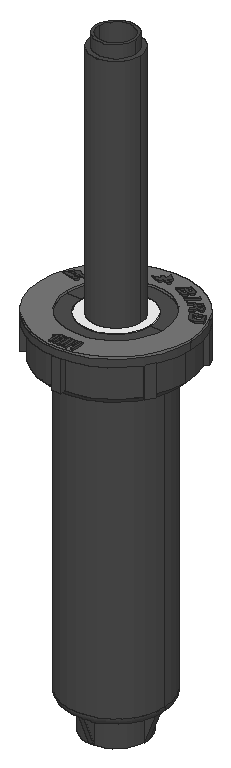
Revit family "Spray Bodies 1800-SAM-P45 Series", category Acessórios do tubo, Revit 2020
Family settings
  Cota do conector redondo = Utilizar diâmetro
  Tipo de parte = Normal
  Número OmniClass = 23.60.30.11.14
  Título OmniClass = Pipework Fittings
  Com base no plano de trabalho = Não
  Sempre na vertical = Sim
  Corte com vazios quando carregada = Não
  Compartilhado = Não
Parameters (values of type "1804 SAM-P45")
  White Plastic = White Plastic
  URL = "https://www.rainbird.com/"
  SupportProjetos: Reviw Date = "15/11/2020"  # constant formula
  SupportProjetos: Reviw = "R01"  # constant formula
  SupportProjetos: Level of Detail = "LOD 300"  # constant formula
  SupportProjetos: Developed = "MICHEL SOARES MOTA"  # constant formula
  SupportProjetos: Creation Date = "13/07/2020"  # constant formula
  Side inlet = Model > 1805  # no
  RainBird: Product Link = "https://store.rainbird.com/sprinklers/spray-heads.html?sprays_sprayheadseries=117"
  RainBird: Description = "Spray Bodies Serie 1800 - Model 1804 SAM-P45"
  RainBird: Comment [instance] = ""
  RainBird: Code = ""
  RT = 0.3015 cm
  RN = 1 cm
  R5 = 1 cm
  R4 = 1.25 cm
  R3 = 2 cm
  R2 = 2.85 cm
  R1 = 1 cm
  R-VAN = yes
  Pop up height = 10.2 cm
  Pop up on [instance] = yes
  Modelo = "1804 SAM-P45"
  Model = 1804
  H1 = Body height / 3  # 5.0667 cm
  Elevação padrão = 0 cm
  Descrição = RainBird: Description  # "Spray Bodies Serie 1800 - Model 1804 SAM-P45"
  DT8 = 0.08 cm
  DT7 = 3.05 cm
  DT6 = 2 cm
  DT5 = 0.12 cm
  DT4 = 0.5 cm
  DT3 = 0.7973 cm
  DT2 = 1 cm
  DT1 = 1.4 cm
  DD9 = 1.3673 cm
  DD8 [instance] = if(Pop up on, Pop up height, 0 cm)  # 10.2 cm
  DD7 = 0.6 cm
  DD6 = 0.3 cm
  DD5 = 0.2 cm
  DD3 = 1.8 cm
  DD2 = 0.5 cm
  DD13 = 1.5 cm
  DD12 [instance] = if(Pop up on, Pop up height + 1.51 cm, 0 cm)  # 11.71 cm
  DD11 = 0.2 cm
  DD10 = 2.7818 cm
  DD1 = 1.2 cm
  Conection = 1.91 cm  # constant formula
  Body height = 15.2 cm
  Black Plastic 2 = Black Plastic 2
  Black Plastic = Black Plastic
  Arch Angle [instance] = 180.00°
  AA1 = 135.00°
  1812 = no
  1806 = no
  1804 = yes
  180 = yes
Types (4, lengths in cm): name | Side inlet | RainBird: Description | Pop up height | Modelo | Model | H1 | Descrição | DD9 | DD8 | DD12 | DD11 | DD10 | Body height | 1812 | 1806 | 1804 | 180
  (no name) | no | "Spray Bodies Serie 1800 - Model 1804 SAM-P45" | 10.2 | "1804 SAM-P45" | 1804 | 5.0667 | "Spray Bodies Serie 1800 - Model 1804 SAM-P45" | 1.3673 | 10.2 | 11.71 | 0.2 | 2.7818 | 15.2 | no | no | yes | yes
  1804 SAM-P45 | no | "Spray Bodies Serie 1800 - Model 1804 SAM-P45" | 10.2 | "1804 SAM-P45" | 1804 | 5.0667 | "Spray Bodies Serie 1800 - Model 1804 SAM-P45" | 1.3673 | 10.2 | 11.71 | 0.2 | 2.7818 | 15.2 | no | no | yes | yes
  1806 SAM-P45 | yes | "Spray Bodies Serie 1800 - Model 1806 SAM-P45" | 15.2 | "1806 SAM-P45" | 1806 | 7.9333 | "Spray Bodies Serie 1800 - Model 1806 SAM-P45" | 1.3673 | 15.2 | 16.71 | 0.1 | 2.7818 | 23.8 | no | yes | no | yes
  1812 SAM-P45 | yes | "Spray Bodies Serie 1800 - Model 1812 SAM-P45" | 30.5 | "1812 SAM-P45" | 1812 | 13.5333 | "Spray Bodies Serie 1800 - Model 1812 SAM-P45" | 2 | 30.5 | 32.01 | 0.6254 | 2.5 | 40.6 | yes | no | no | no
Reference planes (cm)
  plane 1 "Centro (Frente/Trás)": y = 0
  plane 2: z = 0
  plane 3 "Centro (Esquerda/Direita)": x = 0
  plane 4: z = 0.12
  plane 5: z = 0.08
  plane 6: y = -2
Forms (cm)
  Revolve 1, solid, material "Black Plastic" <- "Black Plastic"
    sketch origin (0, 0, 0) x (1, 0, 0) y (0, 0, 1)
      loop
        line (2.85, -1.5672) -> (2.85, -0.3) -> (3.05, -0.3) -> (3.05, 0) -> (1.4, 0) -> (1.4, -1) -> (1, -1) -> (1, -10.2) -> (0.6, -10.2) -> (0.6, -14) -> (1, -14) -> (1, -15.2) -> (1.25, -15.2) -> (1.25, -14) -> (1.6985, -14)
        arc (1.6985, -14) -> (1.9117, -13.9117) -> (2, -13.6985) r 0.3015
        line (2, -13.6985) -> (2, -2.1015)
        arc (2, -2.1015) -> (2.0883, -1.8883) -> (2.3015, -1.8) r 0.3015
        line (2.3015, -1.8) -> (2.6172, -1.8) -> (2.85, -1.5672)
      axis (0, -15.2) -> (0, 0)
    angle from 0 to 360
  Extrusion 2, solid, material "Black Plastic" <- "Black Plastic"
    sketch origin (0, 0, 0) x (1, 0, 0) y (0, 1, 0)
      loop
        circle (0, 0) r 1
    from -10.2 to 10.2
  Extrusion 3, void
    sketch origin (0, 0, 0) x (1, 0, 0) y (0, 1, 0)
      loop
        circle (0, 0) r 1
      loop
        circle (0, 0) r 0.7973
    from 9.7 to 10.2
  Extrusion 4, solid, material "Black Plastic" <- "Black Plastic", visible <- "180"
    sketch origin (0, -2.5, 0) x (1, 0, 0) y (0, 1, 0)
      loop
        line (-2.231, 3.2135) -> (-2.1644, 3.3339) -> (-2.3679, 3.3844) -> (-2.2992, 3.5085) -> (-2.0365, 3.4904) -> (-1.9715, 3.608) -> (-2.2887, 3.6298) -> (-2.4263, 3.706) -> (-2.6398, 3.6445) -> (-2.8298, 3.3622) -> (-2.231, 3.2135)
      loop
        line (-2.6663, 3.4585) -> (-2.4339, 3.4008) -> (-2.3526, 3.5478) -> (-2.4178, 3.6107) -> (-2.5587, 3.5701) -> (-2.6663, 3.4585)
      loop
        line (-1.9163, 3.7039) -> (-1.8175, 3.8064) -> (-1.8808, 3.8933) -> (-1.7232, 4.0568) -> (-1.6371, 4.0092) -> (-1.5763, 4.1193) -> (-2.1283, 4.1963) -> (-2.2118, 4.1098) -> (-1.9163, 3.7039)
      loop
        line (-2.0723, 4.0915) -> (-1.9537, 3.9286) -> (-1.8139, 4.0736) -> (-2.0723, 4.0915)
      loop
        line (-1.8177, 4.5186) -> (-1.3486, 4.2146) -> (-1.2727, 4.2934) -> (-1.7417, 4.5974) -> (-1.8177, 4.5186)
      loop
        line (-1.1151, 4.372) -> (-1.0305, 4.4599) -> (-1.2636, 4.6846) -> (-0.7593, 4.6142) -> (-0.6667, 4.7103) -> (-1.0803, 5.0567) -> (-1.1605, 4.9984) -> (-0.8466, 4.7354) -> (-1.4131, 4.8145) -> (-1.5049, 4.7477) -> (-1.1151, 4.372)
      loop
        line (-0.4562, 4.9237) -> (-0.283, 4.8466) -> (-0.0843, 4.7934) -> (0, 4.9138) -> (0.2358, 4.8722) -> (0.2981, 4.9345) -> (0.116, 5.0156) -> (0.2085, 5.1477) -> (-0.0336, 5.3172) -> (-0.0336, 5.1849) -> (-0.0336, 5.0821) -> (-0.1724, 5.1439) -> (-0.2428, 5.1033) -> (-0.1476, 5.0081) -> (-0.274, 4.9621) -> (-0.4562, 4.9237)
      loop
        line (0.6147, 4.7728) -> (0.9327, 4.5929) -> (1.0885, 4.5721) -> (1.1808, 4.6694) -> (1.1317, 4.7723) -> (1.2619, 4.7549) -> (1.334, 4.8309) -> (1.2754, 4.9539) -> (0.9573, 5.1338) -> (0.6147, 4.7728)
      loop
        line (0.8462, 4.8897) -> (0.7501, 4.7884) -> (0.9556, 4.6722) -> (1.0744, 4.6732) -> (1.0734, 4.7801) -> (0.8462, 4.8897)
      loop
        line (0.9989, 5.0507) -> (0.9222, 4.9699) -> (1.1173, 4.8595) -> (1.2037, 4.8602) -> (1.1883, 4.9435) -> (0.9989, 5.0507)
      loop
        line (1.2199, 4.4305) -> (1.3171, 4.3754) -> (1.7079, 4.7092) -> (1.6106, 4.7642) -> (1.2199, 4.4305)
      loop
        line (1.9335, 4.5079) -> (1.472, 4.2878) -> (1.5637, 4.2008) -> (1.7245, 4.2775) -> (1.8813, 4.1484) -> (1.7689, 4.0299) -> (1.857, 3.9063) -> (1.985, 3.9976) -> (2.0031, 4.1334) -> (2.1114, 4.0951) -> (2.2369, 4.155) -> (2.156, 4.3246) -> (1.9335, 4.5079)
      loop
        line (1.9261, 4.4053) -> (1.8225, 4.3559) -> (1.9436, 4.2141) -> (2.1112, 4.2155) -> (2.0556, 4.3321) -> (1.9261, 4.4053)
      loop
        line (1.9557, 3.8215) -> (2.1968, 3.4836) -> (2.3925, 3.4143) -> (2.7137, 3.5675) -> (2.6804, 3.6964) -> (2.4921, 3.9603) -> (1.9557, 3.8215)
      loop
        line (2.1302, 3.7523) -> (2.2577, 3.5736) -> (2.4889, 3.5756) -> (2.5959, 3.652) -> (2.4629, 3.8384) -> (2.1302, 3.7523)
      loop
        line (-0.516, -0.0627) -> (-0.4245, -0.0627) -> (-0.4245, -0.3834) -> (-0.3366, -0.3834) -> (-0.3366, 0.1166) -> (-0.516, -0.0627)
      loop
        line (-0.2745, 0.1165) -> (-0.2745, -0.3834) -> (-0.0345, -0.3834) -> (-0.0345, 0.1165) -> (-0.2745, 0.1165)
      loop
        line (-0.1945, 0.0365) -> (-0.1945, -0.0861) -> (-0.1145, -0.0861) -> (-0.1145, 0.0365) -> (-0.1945, 0.0365)
      loop
        line (-0.1945, -0.1661) -> (-0.1945, -0.3034) -> (-0.1145, -0.3034) -> (-0.1145, -0.1661) -> (-0.1945, -0.1661)
      loop
        line (0.0395, 0.1165) -> (0.0395, -0.3834) -> (0.2795, -0.3834) -> (0.2795, 0.1165) -> (0.0395, 0.1165)
      loop
        line (0.1195, 0.0365) -> (0.1195, -0.3034) -> (0.1995, -0.3034) -> (0.1995, 0.0365) -> (0.1195, 0.0365)
    from 0 to 0.12
  Extrusion 5, solid, material "Black Plastic 2" <- "Black Plastic 2"
    sketch origin (0, 0, 0) x (1, 0, 0) y (0, 1, 0)
      loop
        circle (0, 0) r 3.05
      loop
        circle (0, 0) r 2
    from 0 to 0.08
  Extrusion 6, solid, material "Black Plastic" <- "Black Plastic", visible <- "Side inlet"
    sketch origin (0, 0, 0) x (1, 0, 0) y (0, 0, 1)
      loop
        circle (0, -5.0667) r 1
    from 2 to 3.3673
  Extrusion 7, solid, material "Black Plastic" <- "Black Plastic", visible <- "Side inlet"
    sketch origin (0, 0, 0) x (1, 0, 0) y (0, 0, 1)
      loop
        circle (0, -5.0667) r 0.7964
    from 3.3673 to 3.8673
  Extrusion 8, void
    sketch origin (0, 0, 0) x (1, 0, 0) y (0, 1, 0)
      loop
        circle (0, 0) r 0.6963
    from -10.2 to 10.2
  Extrusion 9, solid, material "Black Plastic" <- "Black Plastic"
    sketch origin (0, 0, 0) x (0, 1, 0) y (0, 0, 1)
      loop
        line (1.25, -14) -> (1.25, -15.2) -> (1.75, -14) -> (1.25, -14)
      loop
        line (-1.25, -14) -> (-1.75, -14) -> (-1.25, -15.2) -> (-1.25, -14)
    from -0.1 to 0.1
  Extrusion 10, solid, material "Black Plastic" <- "Black Plastic"
    sketch origin (0, 0, 0) x (-1, 0, 0) y (0, 0, 1)
      loop
        line (1.25, -14) -> (1.25, -15.2) -> (1.75, -14) -> (1.25, -14)
      loop
        line (-1.25, -14) -> (-1.75, -14) -> (-1.25, -15.2) -> (-1.25, -14)
    from -0.1 to 0.1
  Extrusion 11, solid, material "Black Plastic" <- "Black Plastic", visible <- "1804"
    sketch origin (0.5778, -2.5, 0) x (1, 0, 0) y (0, 1, 0)
      loop
        line (-0.268, -0.156) -> (-0.108, -0.156) -> (-0.108, -0.3834) -> (-0.024, -0.3834) -> (-0.024, 0.1165) -> (-0.108, 0.1165) -> (-0.108, -0.0861) -> (-0.188, -0.0861) -> (-0.188, 0.1165) -> (-0.268, 0.1165) -> (-0.268, -0.156)
    from 0 to 0.12
  Extrusion 12, solid, material "Black Plastic" <- "Black Plastic", visible <- "1806"
    sketch origin (0.5778, -2.5, 0) x (1, 0, 0) y (0, 1, 0)
      loop
        line (-0.268, -0.3834) -> (-0.024, -0.3834) -> (-0.024, -0.0861) -> (-0.188, -0.0861) -> (-0.188, 0.0365) -> (-0.024, 0.0365) -> (-0.024, 0.1165) -> (-0.268, 0.1165) -> (-0.268, -0.3834)
      loop
        line (-0.188, -0.1661) -> (-0.188, -0.3034) -> (-0.108, -0.3034) -> (-0.108, -0.1661) -> (-0.188, -0.1661)
    from 0 to 0.12
  Extrusion 13, solid, material "Black Plastic" <- "Black Plastic", visible <- "1812"
    sketch origin (0, -2.5, 0) x (1, 0, 0) y (0, 1, 0)
      loop
        line (-2.231, 3.2135) -> (-2.1644, 3.3339) -> (-2.3679, 3.3844) -> (-2.2992, 3.5085) -> (-2.0365, 3.4904) -> (-1.9715, 3.608) -> (-2.2887, 3.6298) -> (-2.4263, 3.706) -> (-2.6398, 3.6445) -> (-2.8298, 3.3622) -> (-2.231, 3.2135)
      loop
        line (-2.6663, 3.4585) -> (-2.4339, 3.4008) -> (-2.3526, 3.5478) -> (-2.4178, 3.6107) -> (-2.5587, 3.5701) -> (-2.6663, 3.4585)
      loop
        line (-1.9163, 3.7039) -> (-1.8175, 3.8064) -> (-1.8808, 3.8933) -> (-1.7232, 4.0568) -> (-1.6371, 4.0092) -> (-1.5763, 4.1193) -> (-2.1283, 4.1963) -> (-2.2118, 4.1098) -> (-1.9163, 3.7039)
      loop
        line (-2.0723, 4.0915) -> (-1.9537, 3.9286) -> (-1.8139, 4.0736) -> (-2.0723, 4.0915)
      loop
        line (-1.8177, 4.5186) -> (-1.3486, 4.2146) -> (-1.2727, 4.2934) -> (-1.7417, 4.5974) -> (-1.8177, 4.5186)
      loop
        line (-1.1151, 4.372) -> (-1.0305, 4.4599) -> (-1.2636, 4.6846) -> (-0.7593, 4.6142) -> (-0.6667, 4.7103) -> (-1.0803, 5.0567) -> (-1.1605, 4.9984) -> (-0.8466, 4.7354) -> (-1.4131, 4.8145) -> (-1.5049, 4.7477) -> (-1.1151, 4.372)
      loop
        line (-0.4562, 4.9237) -> (-0.283, 4.8466) -> (-0.0843, 4.7934) -> (0, 4.9138) -> (0.2358, 4.8722) -> (0.2981, 4.9345) -> (0.116, 5.0156) -> (0.2085, 5.1477) -> (-0.0336, 5.3172) -> (-0.0336, 5.1849) -> (-0.0336, 5.0821) -> (-0.1724, 5.1439) -> (-0.2428, 5.1033) -> (-0.1476, 5.0081) -> (-0.274, 4.9621) -> (-0.4562, 4.9237)
      loop
        line (0.6147, 4.7728) -> (0.9327, 4.5929) -> (1.0885, 4.5721) -> (1.1808, 4.6694) -> (1.1317, 4.7723) -> (1.2619, 4.7549) -> (1.334, 4.8309) -> (1.2754, 4.9539) -> (0.9573, 5.1338) -> (0.6147, 4.7728)
      loop
        line (0.8462, 4.8897) -> (0.7501, 4.7884) -> (0.9556, 4.6722) -> (1.0744, 4.6732) -> (1.0734, 4.7801) -> (0.8462, 4.8897)
      loop
        line (0.9989, 5.0507) -> (0.9222, 4.9699) -> (1.1173, 4.8595) -> (1.2037, 4.8602) -> (1.1883, 4.9435) -> (0.9989, 5.0507)
      loop
        line (1.2199, 4.4305) -> (1.3171, 4.3754) -> (1.7079, 4.7092) -> (1.6106, 4.7642) -> (1.2199, 4.4305)
      loop
        line (1.9335, 4.5079) -> (1.472, 4.2878) -> (1.5637, 4.2008) -> (1.7245, 4.2775) -> (1.8813, 4.1484) -> (1.7689, 4.0299) -> (1.857, 3.9063) -> (1.985, 3.9976) -> (2.0031, 4.1334) -> (2.1114, 4.0951) -> (2.2369, 4.155) -> (2.156, 4.3246) -> (1.9335, 4.5079)
      loop
        line (1.9261, 4.4053) -> (1.8225, 4.3559) -> (1.9436, 4.2141) -> (2.1112, 4.2155) -> (2.0556, 4.3321) -> (1.9261, 4.4053)
      loop
        line (1.9557, 3.8215) -> (2.1968, 3.4836) -> (2.3925, 3.4143) -> (2.7137, 3.5675) -> (2.6804, 3.6964) -> (2.4921, 3.9603) -> (1.9557, 3.8215)
      loop
        line (2.1302, 3.7523) -> (2.2577, 3.5736) -> (2.4889, 3.5756) -> (2.5959, 3.652) -> (2.4629, 3.8384) -> (2.1302, 3.7523)
      loop
        line (-0.516, -0.0625) -> (-0.4245, -0.0625) -> (-0.4245, -0.3832) -> (-0.3366, -0.3832) -> (-0.3366, 0.1168) -> (-0.516, -0.0625)
      loop
        line (-0.2745, 0.1166) -> (-0.2745, -0.3832) -> (-0.0345, -0.3832) -> (-0.0345, 0.1166) -> (-0.2745, 0.1166)
      loop
        line (-0.1945, 0.0366) -> (-0.1945, -0.086) -> (-0.1145, -0.086) -> (-0.1145, 0.0366) -> (-0.1945, 0.0366)
      loop
        line (-0.1945, -0.166) -> (-0.1945, -0.3032) -> (-0.1145, -0.3032) -> (-0.1145, -0.166) -> (-0.1945, -0.166)
      loop
        line (0.2795, 0.1166) -> (0.1002, -0.0625) -> (0.1916, -0.0625) -> (0.1916, -0.3831) -> (0.2795, -0.3831) -> (0.2795, 0.1166)
      loop
        line (0.3097, 0.1165) -> (0.3097, 0.0365) -> (0.4697, 0.0365) -> (0.4697, -0.0861) -> (0.3097, -0.0861) -> (0.3097, -0.3834) -> (0.5537, -0.3834) -> (0.5537, -0.3032) -> (0.3897, -0.3032) -> (0.3897, -0.1664) -> (0.5537, -0.1664) -> (0.5537, 0.1165) -> (0.3097, 0.1165)
    from 0 to 0.12
  Extrusion 14, solid, material "Black Plastic" <- "Black Plastic"
    sketch origin (0, 0, 0) x (1, 0, 0) y (0, 1, 0)
      loop
        line (-0.1873, 3.0442) -> (-0.1873, 2.8126)
        arc (-0.1873, 2.8126) -> (0, 2.8188) -> (0.1873, 2.8126) r 2.8188
        line (0.1873, 2.8126) -> (0.1873, 3.0442)
        arc (0.1873, 3.0442) -> (0, 3.05) -> (-0.1873, 3.0442) r 3.05
      loop
        arc (-0.1873, -3.0442) -> (0, -3.05) -> (0.1873, -3.0442) r 3.05
        line (0.1873, -3.0442) -> (0.1873, -2.8126)
        arc (0.1873, -2.8126) -> (0, -2.8188) -> (-0.1873, -2.8126) r 2.8188
        line (-0.1873, -2.8126) -> (-0.1873, -3.0442)
      loop
        line (-2.73, 1.3599) -> (-2.5294, 1.2441)
        arc (-2.5294, 1.2441) -> (-2.4411, 1.4094) -> (-2.3421, 1.5685) r 2.8188
        line (-2.3421, 1.5685) -> (-2.5427, 1.6843)
        arc (-2.5427, 1.6843) -> (-2.6414, 1.525) -> (-2.73, 1.3599) r 3.05
      loop
        arc (2.5427, -1.6843) -> (2.6414, -1.525) -> (2.73, -1.3599) r 3.05
        line (2.73, -1.3599) -> (2.5294, -1.2441)
        arc (2.5294, -1.2441) -> (2.4411, -1.4094) -> (2.3421, -1.5685) r 2.8188
        line (2.3421, -1.5685) -> (2.5427, -1.6843)
      loop
        line (-2.5427, -1.6843) -> (-2.3421, -1.5685)
        arc (-2.3421, -1.5685) -> (-2.4411, -1.4094) -> (-2.5294, -1.2441) r 2.8188
        line (-2.5294, -1.2441) -> (-2.73, -1.3599)
        arc (-2.73, -1.3599) -> (-2.6414, -1.525) -> (-2.5427, -1.6843) r 3.05
      loop
        arc (2.73, 1.3599) -> (2.6414, 1.525) -> (2.5427, 1.6843) r 3.05
        line (2.5427, 1.6843) -> (2.3421, 1.5685)
        arc (2.3421, 1.5685) -> (2.4411, 1.4094) -> (2.5294, 1.2441) r 2.8188
        line (2.5294, 1.2441) -> (2.73, 1.3599)
    from -1.5672 to -0.3
Cuts and joins
  Extrusion 3, Extrusion 8 cuts Extrusion 2
Dimensions and locks (cm)
  "Body height": level to Revolve 1 sketch curve
  "R2": Revolve 1 sketch curve to plane 3 "Centro (Esquerda/Direita)"
  "DD1": Revolve 1 sketch curve to Revolve 1 sketch curve
  "DD3": level to Revolve 1 sketch curve
  "R3": Revolve 1 sketch curve to plane 3 "Centro (Esquerda/Direita)"
  "R4": Revolve 1 sketch curve to plane 3 "Centro (Esquerda/Direita)"
  "DD5": Revolve 1 sketch curve to Revolve 1 sketch curve
  "DD6": level to Revolve 1 sketch curve
  "RN": Revolve 1 sketch curve to plane 3 "Centro (Esquerda/Direita)"
  "Pop up height": level to Revolve 1 sketch curve
  "R5": plane 3 "Centro (Esquerda/Direita)" to Revolve 1 sketch curve
  "DD7": Revolve 1 sketch curve to plane 3 "Centro (Esquerda/Direita)"
  "DT1": plane 3 "Centro (Esquerda/Direita)" to Revolve 1 sketch curve
  "DT2": level to Revolve 1 sketch curve
  "DD8": Extrusion 2 to level
  "DT4": cut or joined group of Extrusion 2, Extrusion 3, Extrusion 8 to cut or joined group of Extrusion 2, Extrusion 3, Extrusion 8
  "DT5": plane 4 to level
  "DT8": plane 5 to level
  "H1": level to Extrusion 6 sketch curve
  "R3": plane 6 to plane 1 "Centro (Frente/Trás)"
  "DD9": Extrusion 6 to plane 6
  locked: Extrusion 7 to Extrusion 6 at 0.5
  "H1": level to Extrusion 7 sketch curve
  equal spacing: Extrusion 9, plane 3 "Centro (Esquerda/Direita)", Extrusion 9
  "DD11": Extrusion 9 to Extrusion 9
  equal spacing: Extrusion 10, plane 1 "Centro (Frente/Trás)", Extrusion 10
  "DD11": Extrusion 10 to Extrusion 10
  plane 3 "Centro (Esquerda/Direita)" to Extrusion 14 = 0.1873 cm
  "RT": radius of Revolve 1 sketch curve  (x2)
  "R1": radius of Extrusion 2 sketch curve
  "R1": radius of Extrusion 3 sketch curve
  "DT3": radius of Extrusion 3 sketch curve
  "DT6": radius of Extrusion 5 sketch curve
  "DT7": radius of Extrusion 5 sketch curve
  "AA1": angle Revolve 1 sketch curve to Revolve 1 sketch curve
  aligned and locked: level to plane 2
  aligned and locked: level to Revolve 1 sketch curve
  aligned and locked: Revolve 1 sketch curve to Revolve 1 sketch curve
  aligned and locked: Extrusion 2 to Revolve 1
  aligned and locked: cut or joined group of Extrusion 2, Extrusion 3, Extrusion 8 to cut or joined group of Extrusion 2, Extrusion 3, Extrusion 8  (x3)
  aligned and locked: Extrusion 4 to level
  aligned and locked: plane 4 to Extrusion 4
  aligned and locked: Extrusion 5 to level
  aligned and locked: plane 5 to Extrusion 5
  aligned and locked: plane 6 to Extrusion 6
  aligned and locked: Extrusion 7 to Extrusion 6
  aligned and locked: Extrusion 9 to Revolve 1
  aligned and locked: Extrusion 10 to Revolve 1
  aligned and locked: Revolve 1 to Extrusion 10
  aligned and locked: Revolve 1 to Extrusion 9
  aligned and locked: Revolve 1 to Extrusion 14  (x2)
Automatic sketch dimensions
  plane 1 "Centro (Frente/Trás)" to Extrusion 2 sketch curve = 0 cm
  Extrusion 2 sketch curve to plane 3 "Centro (Esquerda/Direita)" = 0 cm
  Extrusion 4 sketch curve to plane 3 "Centro (Esquerda/Direita)" = 0 cm
  Extrusion 4 sketch curve to plane 3 "Centro (Esquerda/Direita)" = 0.0336 cm
  Extrusion 4 sketch curve to plane 3 "Centro (Esquerda/Direita)" = 0.0345 cm
  Extrusion 4 sketch curve to plane 3 "Centro (Esquerda/Direita)" = 0.0843 cm
  Extrusion 4 sketch curve to plane 3 "Centro (Esquerda/Direita)" = 0.1145 cm
  Extrusion 4 sketch curve to Extrusion 4 sketch curve = 0.08 cm  (x11)
  Extrusion 4 sketch curve to Extrusion 4 sketch curve = 0.114 cm
  Extrusion 4 sketch curve to Extrusion 4 sketch curve = 0.0248 cm
  Extrusion 4 sketch curve to Extrusion 4 sketch curve = 0.0704 cm
  Extrusion 4 sketch curve to Extrusion 4 sketch curve = 0.1264 cm
  Extrusion 4 sketch curve to Extrusion 4 sketch curve = 0.009 cm
  Extrusion 4 sketch curve to Extrusion 4 sketch curve = 0.0622 cm  (x3)
  Extrusion 4 sketch curve to Extrusion 4 sketch curve = 0.0879 cm
  Extrusion 4 sketch curve to Extrusion 4 sketch curve = 0.1822 cm
  Extrusion 4 sketch curve to Extrusion 4 sketch curve = 0.0914 cm
  Extrusion 4 sketch curve to Extrusion 4 sketch curve = 0.2105 cm
  Extrusion 4 sketch curve to Extrusion 4 sketch curve = 0.0927 cm
  Extrusion 4 sketch curve to Extrusion 4 sketch curve = 0.0872 cm  (x2)
  Extrusion 4 sketch curve to Extrusion 4 sketch curve = 0.2711 cm
  Extrusion 4 sketch curve to Extrusion 4 sketch curve = 0.2338 cm
  Extrusion 4 sketch curve to Extrusion 4 sketch curve = 0.0847 cm  (x2)
  Extrusion 4 sketch curve to Extrusion 4 sketch curve = 0.0802 cm
  Extrusion 4 sketch curve to Extrusion 4 sketch curve = 0.2331 cm
  Extrusion 4 sketch curve to Extrusion 4 sketch curve = 0.1575 cm
  Extrusion 4 sketch curve to Extrusion 4 sketch curve = 0.0759 cm  (x2)
  Extrusion 4 sketch curve to Extrusion 4 sketch curve = 0.1495 cm
  Extrusion 4 sketch curve to Extrusion 4 sketch curve = 0.0917 cm  (x2)
  Extrusion 4 sketch curve to Extrusion 4 sketch curve = 0.2277 cm
  Extrusion 4 sketch curve to Extrusion 4 sketch curve = 0.0609 cm  (x2)
  Extrusion 4 sketch curve to Extrusion 4 sketch curve = 0.0861 cm
  Extrusion 4 sketch curve to Extrusion 4 sketch curve = 0.2369 cm
  Extrusion 4 sketch curve to Extrusion 4 sketch curve = 0.0907 cm
  Extrusion 4 sketch curve to Extrusion 4 sketch curve = 0.0037 cm
  Extrusion 4 sketch curve to Extrusion 4 sketch curve = 0.0633 cm
  Extrusion 4 sketch curve to Extrusion 4 sketch curve = 0.0988 cm
  Extrusion 4 sketch curve to Extrusion 4 sketch curve = 0.0729 cm
  Extrusion 4 sketch curve to Extrusion 4 sketch curve = 0.0551 cm
  Extrusion 4 sketch curve to plane 1 "Centro (Frente/Trás)" = 0.9904 cm
  Extrusion 4 sketch curve to Extrusion 4 sketch curve = 0.065 cm
  Extrusion 4 sketch curve to Extrusion 4 sketch curve = 0.1186 cm
  Extrusion 4 sketch curve to Extrusion 4 sketch curve = 0.056 cm
  Extrusion 4 sketch curve to plane 1 "Centro (Frente/Trás)" = 0.8339 cm
  Extrusion 4 sketch curve to Extrusion 4 sketch curve = 0.1279 cm
  Extrusion 4 sketch curve to Extrusion 4 sketch curve = 0.0835 cm
  Extrusion 4 sketch curve to plane 1 "Centro (Frente/Trás)" = 0.7135 cm
  Extrusion 4 sketch curve to Extrusion 4 sketch curve = 0.0666 cm  (x2)
  Extrusion 4 sketch curve to plane 1 "Centro (Frente/Trás)" = 1.1298 cm
  Extrusion 4 sketch curve to Extrusion 4 sketch curve = 0.2521 cm
  Extrusion 4 sketch curve to plane 1 "Centro (Frente/Trás)" = 1.0085 cm
  Extrusion 4 sketch curve to Extrusion 4 sketch curve = 0.0106 cm
  Extrusion 4 sketch curve to plane 1 "Centro (Frente/Trás)" = 1.0478 cm
  Extrusion 4 sketch curve to Extrusion 4 sketch curve = 0.0534 cm
  Extrusion 4 sketch curve to plane 1 "Centro (Frente/Trás)" = 0.8844 cm
  Extrusion 4 sketch curve to Extrusion 4 sketch curve = 0.0686 cm
  Extrusion 4 sketch curve to plane 1 "Centro (Frente/Trás)" = 1.1107 cm
  Extrusion 4 sketch curve to Extrusion 4 sketch curve = 0.0652 cm
  Extrusion 4 sketch curve to plane 1 "Centro (Frente/Trás)" = 1.206 cm
  Extrusion 4 sketch curve to Extrusion 4 sketch curve = 0.0084 cm
  Extrusion 4 sketch curve to plane 1 "Centro (Frente/Trás)" = 0.9008 cm
  Extrusion 4 sketch curve to Extrusion 4 sketch curve = 0.066 cm
  Extrusion 4 sketch curve to plane 1 "Centro (Frente/Trás)" = 1.0701 cm
  Extrusion 4 sketch curve to Extrusion 4 sketch curve = 0.1408 cm
  Extrusion 4 sketch curve to plane 1 "Centro (Frente/Trás)" = 1.1445 cm
  Extrusion 4 sketch curve to Extrusion 4 sketch curve = 0.0811 cm  (x2)
  Extrusion 4 sketch curve to plane 1 "Centro (Frente/Trás)" = 0.9585 cm
  Extrusion 4 sketch curve to Extrusion 4 sketch curve = 0.1076 cm
  Extrusion 4 sketch curve to plane 1 "Centro (Frente/Trás)" = 0.8622 cm
  Extrusion 4 sketch curve to Extrusion 4 sketch curve = 0.1635 cm
  plane 3 "Centro (Esquerda/Direita)" to Extrusion 4 sketch curve = 0.0395 cm
  plane 3 "Centro (Esquerda/Direita)" to Extrusion 4 sketch curve = 0.116 cm
  Extrusion 4 sketch curve to Extrusion 4 sketch curve = 0.0925 cm
  Extrusion 4 sketch curve to Extrusion 4 sketch curve = 0.1199 cm
  Extrusion 4 sketch curve to Extrusion 4 sketch curve = 0.3166 cm
  Extrusion 4 sketch curve to Extrusion 4 sketch curve = 0.1353 cm
  Extrusion 4 sketch curve to Extrusion 4 sketch curve = 0.0961 cm  (x2)
  Extrusion 4 sketch curve to Extrusion 4 sketch curve = 0.076 cm  (x2)
  Extrusion 4 sketch curve to Extrusion 4 sketch curve = 0.1827 cm
  Extrusion 4 sketch curve to Extrusion 4 sketch curve = 0.0229 cm
  Extrusion 4 sketch curve to Extrusion 4 sketch curve = 0.0351 cm
  Extrusion 4 sketch curve to Extrusion 4 sketch curve = 0.0416 cm
  Extrusion 4 sketch curve to Extrusion 4 sketch curve = 0.1178 cm
  Extrusion 4 sketch curve to Extrusion 4 sketch curve = 0.0009 cm
  Extrusion 4 sketch curve to Extrusion 4 sketch curve = 0.0141 cm
  Extrusion 4 sketch curve to Extrusion 4 sketch curve = 0.0439 cm
  Extrusion 4 sketch curve to Extrusion 4 sketch curve = 0.0583 cm
  Extrusion 4 sketch curve to Extrusion 4 sketch curve = 0.1064 cm
  Extrusion 4 sketch curve to Extrusion 4 sketch curve = 0.071 cm
  Extrusion 4 sketch curve to Extrusion 4 sketch curve = 0.0154 cm
  Extrusion 4 sketch curve to Extrusion 4 sketch curve = 0.1314 cm
  Extrusion 4 sketch curve to Extrusion 4 sketch curve = 0.0871 cm
  Extrusion 4 sketch curve to Extrusion 4 sketch curve = 0.0973 cm  (x3)
  Extrusion 4 sketch curve to Extrusion 4 sketch curve = 0.0721 cm
  Extrusion 4 sketch curve to Extrusion 4 sketch curve = 0.1549 cm
  Extrusion 4 sketch curve to Extrusion 4 sketch curve = 0.2766 cm
  Extrusion 4 sketch curve to Extrusion 4 sketch curve = 0.1608 cm
  Extrusion 4 sketch curve to Extrusion 4 sketch curve = 0.0443 cm
  Extrusion 4 sketch curve to Extrusion 4 sketch curve = 0.098 cm
  Extrusion 4 sketch curve to Extrusion 4 sketch curve = 0.0882 cm
  Extrusion 4 sketch curve to Extrusion 4 sketch curve = 0.1125 cm
  Extrusion 4 sketch curve to Extrusion 4 sketch curve = 0.1036 cm
  Extrusion 4 sketch curve to Extrusion 4 sketch curve = 0.0073 cm
  Extrusion 4 sketch curve to Extrusion 4 sketch curve = 0.0623 cm
  Extrusion 4 sketch curve to Extrusion 4 sketch curve = 0.0987 cm
  Extrusion 4 sketch curve to Extrusion 4 sketch curve = 0.128 cm
  Extrusion 4 sketch curve to Extrusion 4 sketch curve = 0.0595 cm
  Extrusion 4 sketch curve to Extrusion 4 sketch curve = 0.1295 cm
  Extrusion 4 sketch curve to Extrusion 4 sketch curve = 0.0556 cm
  Extrusion 4 sketch curve to Extrusion 4 sketch curve = 0.1083 cm
  Extrusion 4 sketch curve to Extrusion 4 sketch curve = 0.1745 cm
  Extrusion 4 sketch curve to Extrusion 4 sketch curve = 0.1004 cm
  Extrusion 4 sketch curve to plane 1 "Centro (Frente/Trás)" = 0.9836 cm
  Extrusion 4 sketch curve to Extrusion 4 sketch curve = 0.1255 cm
  Extrusion 4 sketch curve to plane 1 "Centro (Frente/Trás)" = 1.0736 cm
  Extrusion 4 sketch curve to plane 1 "Centro (Frente/Trás)" = 0.9143 cm
  Extrusion 4 sketch curve to Extrusion 4 sketch curve = 0.1957 cm
  Extrusion 4 sketch curve to Extrusion 4 sketch curve = 0.2053 cm
  Extrusion 4 sketch curve to plane 1 "Centro (Frente/Trás)" = 1.0756 cm
  Extrusion 4 sketch curve to Extrusion 4 sketch curve = 0.0964 cm
  Extrusion 4 sketch curve to Extrusion 4 sketch curve = 0.0292 cm
  Extrusion 4 sketch curve to plane 1 "Centro (Frente/Trás)" = 1.152 cm
  Extrusion 4 sketch curve to Extrusion 4 sketch curve = 0.107 cm
  Extrusion 4 sketch curve to plane 1 "Centro (Frente/Trás)" = 1.1964 cm
  Extrusion 4 sketch curve to Extrusion 4 sketch curve = 0.0844 cm
  Extrusion 4 sketch curve to plane 1 "Centro (Frente/Trás)" = 1.0675 cm
  Extrusion 4 sketch curve to Extrusion 4 sketch curve = 0.0333 cm
  Extrusion 4 sketch curve to plane 6 = 0.3834 cm
  Extrusion 4 sketch curve to Extrusion 4 sketch curve = 0.0001 cm
  Extrusion 4 sketch curve to Extrusion 4 sketch curve = 0 cm  (x4)
  Extrusion 4 sketch curve to Extrusion 4 sketch curve = 0.1793 cm
  Extrusion 4 sketch curve to Extrusion 4 sketch curve = 0.1226 cm
  Extrusion 4 sketch curve to Extrusion 4 sketch curve = 0.1372 cm
  Extrusion 4 sketch curve to Extrusion 4 sketch curve = 0.1176 cm
  Extrusion 4 sketch curve to Extrusion 4 sketch curve = 0.096 cm
  Extrusion 4 sketch curve to Extrusion 4 sketch curve = 0.1787 cm
  Extrusion 4 sketch curve to Extrusion 4 sketch curve = 0.1025 cm
  Extrusion 4 sketch curve to Extrusion 4 sketch curve = 0.0692 cm
  Extrusion 4 sketch curve to Extrusion 4 sketch curve = 0.0869 cm
  Extrusion 4 sketch curve to Extrusion 4 sketch curve = 0.0353 cm
  Extrusion 4 sketch curve to Extrusion 4 sketch curve = 0.1219 cm
  Extrusion 4 sketch curve to Extrusion 4 sketch curve = 0.0913 cm
  Extrusion 4 sketch curve to Extrusion 4 sketch curve = 0.1159 cm
  Extrusion 4 sketch curve to Extrusion 4 sketch curve = 0.0476 cm
  Extrusion 4 sketch curve to Extrusion 4 sketch curve = 0.0168 cm
  Extrusion 4 sketch curve to Extrusion 4 sketch curve = 0.1629 cm
  Extrusion 4 sketch curve to Extrusion 4 sketch curve = 0.0975 cm
  Extrusion 4 sketch curve to Extrusion 4 sketch curve = 0.0183 cm
  Extrusion 4 sketch curve to Extrusion 4 sketch curve = 0.0383 cm
  Extrusion 4 sketch curve to Extrusion 4 sketch curve = 0.015 cm
  Extrusion 4 sketch curve to Extrusion 4 sketch curve = 0.0599 cm
  Extrusion 4 sketch curve to Extrusion 4 sketch curve = 0.1049 cm
  Extrusion 4 sketch curve to Extrusion 4 sketch curve = 0.1709 cm
  Extrusion 4 sketch curve to Extrusion 4 sketch curve = 0.0657 cm
  Extrusion 4 sketch curve to Extrusion 4 sketch curve = 0.0953 cm
  Extrusion 4 sketch curve to Extrusion 4 sketch curve = 0.1091 cm
  Extrusion 4 sketch curve to Extrusion 4 sketch curve = 0.0767 cm
  Extrusion 4 sketch curve to Extrusion 4 sketch curve = 0.087 cm
  Extrusion 4 sketch curve to Extrusion 4 sketch curve = 0.0788 cm  (x3)
  Extrusion 4 sketch curve to Extrusion 4 sketch curve = 0.0074 cm
  Extrusion 4 sketch curve to Extrusion 4 sketch curve = 0.0783 cm
  Extrusion 4 sketch curve to Extrusion 4 sketch curve = 0.0787 cm
  Extrusion 4 sketch curve to Extrusion 4 sketch curve = 0.0876 cm
  Extrusion 4 sketch curve to Extrusion 4 sketch curve = 0.0494 cm
  Extrusion 4 sketch curve to Extrusion 4 sketch curve = 0.055 cm  (x2)
  Extrusion 4 sketch curve to Extrusion 4 sketch curve = 0.0878 cm
  Extrusion 4 sketch curve to Extrusion 4 sketch curve = 0.1026 cm
  Extrusion 4 sketch curve to Extrusion 4 sketch curve = 0.2291 cm
  Extrusion 4 sketch curve to Extrusion 4 sketch curve = 0.1417 cm
  Extrusion 4 sketch curve to Extrusion 4 sketch curve = 0.0208 cm
  Extrusion 4 sketch curve to Extrusion 4 sketch curve = 0.1543 cm
  Extrusion 4 sketch curve to Extrusion 4 sketch curve = 0.0792 cm
  Extrusion 4 sketch curve to Extrusion 4 sketch curve = 0.1011 cm
  Extrusion 4 sketch curve to Extrusion 4 sketch curve = 0.2013 cm
  Extrusion 4 sketch curve to Extrusion 4 sketch curve = 0.1212 cm
  Extrusion 4 sketch curve to Extrusion 4 sketch curve = 0.0855 cm
  Extrusion 4 sketch curve to Extrusion 4 sketch curve = 0.0078 cm
  Extrusion 4 sketch curve to Extrusion 4 sketch curve = 0.1007 cm
  Extrusion 4 sketch curve to Extrusion 4 sketch curve = 0.0156 cm
  Extrusion 4 sketch curve to Extrusion 4 sketch curve = 0.0831 cm
  Extrusion 4 sketch curve to Extrusion 4 sketch curve = 0.0668 cm
  Extrusion 4 sketch curve to Extrusion 4 sketch curve = 0.0532 cm
  Extrusion 4 sketch curve to Extrusion 4 sketch curve = 0.0008 cm
  Extrusion 4 sketch curve to Extrusion 4 sketch curve = 0.1013 cm
  Extrusion 4 sketch curve to Extrusion 4 sketch curve = 0.1204 cm
  Extrusion 4 sketch curve to Extrusion 4 sketch curve = 0.0771 cm
  Extrusion 4 sketch curve to Extrusion 4 sketch curve = 0.0832 cm  (x2)
  Extrusion 4 sketch curve to Extrusion 4 sketch curve = 0.0104 cm
  Extrusion 4 sketch curve to Extrusion 4 sketch curve = 0.1155 cm
  Extrusion 4 sketch curve to Extrusion 4 sketch curve = 0.0801 cm
  Extrusion 4 sketch curve to Extrusion 4 sketch curve = 0.1839 cm
  Extrusion 4 sketch curve to Extrusion 4 sketch curve = 0.046 cm
  Extrusion 4 sketch curve to Extrusion 4 sketch curve = 0.1018 cm
  Extrusion 4 sketch curve to Extrusion 4 sketch curve = 0.0808 cm
  Extrusion 4 sketch curve to Extrusion 4 sketch curve = 0.0584 cm
  Extrusion 4 sketch curve to Extrusion 4 sketch curve = 0.074 cm
  Extrusion 4 sketch curve to Extrusion 4 sketch curve = 0.0952 cm
  Extrusion 4 sketch curve to Extrusion 4 sketch curve = 0.0406 cm
  Extrusion 4 sketch curve to Extrusion 4 sketch curve = 0.1321 cm
  Extrusion 4 sketch curve to Extrusion 4 sketch curve = 0.1028 cm
  plane 1 "Centro (Frente/Trás)" to Extrusion 8 sketch curve = 0 cm
  Extrusion 8 sketch curve to plane 3 "Centro (Esquerda/Direita)" = 0 cm
  plane 6 to Extrusion 9 sketch curve = 0.25 cm
  plane 6 to Extrusion 9 sketch curve = 0.75 cm
  Extrusion 9 sketch curve to plane 1 "Centro (Frente/Trás)" = 1.25 cm
  Extrusion 9 sketch curve to Extrusion 9 sketch curve = 0.5 cm
  Extrusion 9 sketch curve to level = 15.2 cm
  Extrusion 9 sketch curve to Extrusion 9 sketch curve = 0 cm
  Extrusion 9 sketch curve to Extrusion 9 sketch curve = 1.2 cm  (x2)
  plane 3 "Centro (Esquerda/Direita)" to Extrusion 10 sketch curve = 1.75 cm
  plane 3 "Centro (Esquerda/Direita)" to Extrusion 10 sketch curve = 1.25 cm
  Extrusion 10 sketch curve to plane 3 "Centro (Esquerda/Direita)" = 1.25 cm
  Extrusion 10 sketch curve to Extrusion 10 sketch curve = 0.5 cm
  Extrusion 10 sketch curve to level = 15.2 cm
  Extrusion 10 sketch curve to Extrusion 10 sketch curve = 0 cm
  Extrusion 10 sketch curve to Extrusion 10 sketch curve = 1.2 cm  (x2)
  plane 3 "Centro (Esquerda/Direita)" to Extrusion 11 sketch curve = 0.3097 cm
  Extrusion 11 sketch curve to Extrusion 11 sketch curve = 0.08 cm  (x2)
  Extrusion 11 sketch curve to Extrusion 11 sketch curve = 0 cm  (x2)
  Extrusion 11 sketch curve to Extrusion 11 sketch curve = 0.084 cm
  Extrusion 11 sketch curve to plane 6 = 0.8834 cm
  Extrusion 11 sketch curve to Extrusion 11 sketch curve = 0.2273 cm
  Extrusion 11 sketch curve to Extrusion 11 sketch curve = 0.0699 cm
  Extrusion 11 sketch curve to Extrusion 11 sketch curve = 0.2026 cm
  plane 3 "Centro (Esquerda/Direita)" to Extrusion 12 sketch curve = 0.3097 cm
  Extrusion 12 sketch curve to Extrusion 12 sketch curve = 0.08 cm  (x6)
  Extrusion 12 sketch curve to Extrusion 12 sketch curve = 0.084 cm
  Extrusion 12 sketch curve to Extrusion 12 sketch curve = 0.164 cm
  Extrusion 12 sketch curve to plane 6 = 0.8834 cm
  Extrusion 12 sketch curve to Extrusion 12 sketch curve = 0.1372 cm
  Extrusion 12 sketch curve to Extrusion 12 sketch curve = 0.1226 cm
  Extrusion 13 sketch curve to plane 3 "Centro (Esquerda/Direita)" = 0 cm
  Extrusion 13 sketch curve to plane 3 "Centro (Esquerda/Direita)" = 0.0336 cm
  Extrusion 13 sketch curve to plane 3 "Centro (Esquerda/Direita)" = 0.0345 cm
  Extrusion 13 sketch curve to plane 3 "Centro (Esquerda/Direita)" = 0.0843 cm
  Extrusion 13 sketch curve to plane 3 "Centro (Esquerda/Direita)" = 0.1145 cm
  Extrusion 13 sketch curve to Extrusion 13 sketch curve = 0 cm  (x2)
  Extrusion 13 sketch curve to Extrusion 13 sketch curve = 0.114 cm
  Extrusion 13 sketch curve to Extrusion 13 sketch curve = 0.0248 cm
  Extrusion 13 sketch curve to Extrusion 13 sketch curve = 0.08 cm  (x8)
  Extrusion 13 sketch curve to Extrusion 13 sketch curve = 0.0704 cm
  Extrusion 13 sketch curve to Extrusion 13 sketch curve = 0.1264 cm
  Extrusion 13 sketch curve to Extrusion 13 sketch curve = 0.009 cm
  Extrusion 13 sketch curve to Extrusion 13 sketch curve = 0.0622 cm  (x3)
  Extrusion 13 sketch curve to Extrusion 13 sketch curve = 0.0879 cm  (x2)
  Extrusion 13 sketch curve to Extrusion 13 sketch curve = 0.1822 cm
  Extrusion 13 sketch curve to Extrusion 13 sketch curve = 0.0914 cm
  Extrusion 13 sketch curve to Extrusion 13 sketch curve = 0.2105 cm
  Extrusion 13 sketch curve to Extrusion 13 sketch curve = 0.0927 cm
  Extrusion 13 sketch curve to Extrusion 13 sketch curve = 0.0872 cm  (x2)
  Extrusion 13 sketch curve to Extrusion 13 sketch curve = 0.2711 cm
  Extrusion 13 sketch curve to Extrusion 13 sketch curve = 0.2338 cm
  Extrusion 13 sketch curve to Extrusion 13 sketch curve = 0.0847 cm  (x2)
  Extrusion 13 sketch curve to Extrusion 13 sketch curve = 0.0802 cm
  Extrusion 13 sketch curve to Extrusion 13 sketch curve = 0.2331 cm
  Extrusion 13 sketch curve to Extrusion 13 sketch curve = 0.1575 cm
  Extrusion 13 sketch curve to Extrusion 13 sketch curve = 0.0759 cm  (x2)
  Extrusion 13 sketch curve to Extrusion 13 sketch curve = 0.1495 cm
  Extrusion 13 sketch curve to Extrusion 13 sketch curve = 0.0917 cm  (x2)
  Extrusion 13 sketch curve to Extrusion 13 sketch curve = 0.2277 cm
  Extrusion 13 sketch curve to Extrusion 13 sketch curve = 0.0609 cm  (x2)
  Extrusion 13 sketch curve to Extrusion 13 sketch curve = 0.0861 cm
  Extrusion 13 sketch curve to Extrusion 13 sketch curve = 0.2369 cm
  Extrusion 13 sketch curve to Extrusion 13 sketch curve = 0.0907 cm
  Extrusion 13 sketch curve to Extrusion 13 sketch curve = 0.0037 cm
  Extrusion 13 sketch curve to Extrusion 13 sketch curve = 0.0633 cm
  Extrusion 13 sketch curve to Extrusion 13 sketch curve = 0.0988 cm
  Extrusion 13 sketch curve to Extrusion 13 sketch curve = 0.0729 cm
  Extrusion 13 sketch curve to Extrusion 13 sketch curve = 0.0551 cm
  Extrusion 13 sketch curve to plane 1 "Centro (Frente/Trás)" = 0.9904 cm
  Extrusion 13 sketch curve to Extrusion 13 sketch curve = 0.065 cm
  Extrusion 13 sketch curve to Extrusion 13 sketch curve = 0.1186 cm
  Extrusion 13 sketch curve to Extrusion 13 sketch curve = 0.056 cm
  Extrusion 13 sketch curve to plane 1 "Centro (Frente/Trás)" = 0.8339 cm
  Extrusion 13 sketch curve to Extrusion 13 sketch curve = 0.1279 cm
  Extrusion 13 sketch curve to Extrusion 13 sketch curve = 0.0835 cm
  Extrusion 13 sketch curve to plane 1 "Centro (Frente/Trás)" = 0.7135 cm
  Extrusion 13 sketch curve to Extrusion 13 sketch curve = 0.0666 cm  (x2)
  Extrusion 13 sketch curve to plane 1 "Centro (Frente/Trás)" = 1.1298 cm
  Extrusion 13 sketch curve to Extrusion 13 sketch curve = 0.2521 cm
  Extrusion 13 sketch curve to plane 1 "Centro (Frente/Trás)" = 1.0085 cm
  Extrusion 13 sketch curve to Extrusion 13 sketch curve = 0.0106 cm
  Extrusion 13 sketch curve to plane 1 "Centro (Frente/Trás)" = 1.0478 cm
  Extrusion 13 sketch curve to Extrusion 13 sketch curve = 0.0534 cm
  Extrusion 13 sketch curve to plane 1 "Centro (Frente/Trás)" = 0.8844 cm
  Extrusion 13 sketch curve to Extrusion 13 sketch curve = 0.0686 cm
  Extrusion 13 sketch curve to plane 1 "Centro (Frente/Trás)" = 1.1107 cm
  Extrusion 13 sketch curve to Extrusion 13 sketch curve = 0.0652 cm
  Extrusion 13 sketch curve to plane 1 "Centro (Frente/Trás)" = 1.206 cm
  Extrusion 13 sketch curve to Extrusion 13 sketch curve = 0.0084 cm
  Extrusion 13 sketch curve to plane 1 "Centro (Frente/Trás)" = 0.9008 cm
  Extrusion 13 sketch curve to Extrusion 13 sketch curve = 0.066 cm
  Extrusion 13 sketch curve to plane 1 "Centro (Frente/Trás)" = 1.0701 cm
  Extrusion 13 sketch curve to Extrusion 13 sketch curve = 0.1408 cm
  Extrusion 13 sketch curve to plane 1 "Centro (Frente/Trás)" = 1.1445 cm
  Extrusion 13 sketch curve to Extrusion 13 sketch curve = 0.0811 cm  (x2)
  Extrusion 13 sketch curve to plane 1 "Centro (Frente/Trás)" = 0.9585 cm
  Extrusion 13 sketch curve to Extrusion 13 sketch curve = 0.1076 cm
  Extrusion 13 sketch curve to plane 1 "Centro (Frente/Trás)" = 0.8622 cm
  Extrusion 13 sketch curve to Extrusion 13 sketch curve = 0.1635 cm
  plane 3 "Centro (Esquerda/Direita)" to Extrusion 13 sketch curve = 0.1002 cm
  plane 3 "Centro (Esquerda/Direita)" to Extrusion 13 sketch curve = 0.116 cm
  plane 3 "Centro (Esquerda/Direita)" to Extrusion 13 sketch curve = 0.1916 cm
  Extrusion 13 sketch curve to Extrusion 13 sketch curve = 0.0925 cm
  Extrusion 13 sketch curve to Extrusion 13 sketch curve = 0.1199 cm
  Extrusion 13 sketch curve to Extrusion 13 sketch curve = 0.0302 cm  (x2)
  Extrusion 13 sketch curve to Extrusion 13 sketch curve = 0.16 cm
  Extrusion 13 sketch curve to Extrusion 13 sketch curve = 0.164 cm
  Extrusion 13 sketch curve to Extrusion 13 sketch curve = 0.3166 cm
  Extrusion 13 sketch curve to Extrusion 13 sketch curve = 0.1353 cm
  Extrusion 13 sketch curve to Extrusion 13 sketch curve = 0.0961 cm  (x2)
  Extrusion 13 sketch curve to Extrusion 13 sketch curve = 0.076 cm  (x2)
  Extrusion 13 sketch curve to Extrusion 13 sketch curve = 0.1827 cm
  Extrusion 13 sketch curve to Extrusion 13 sketch curve = 0.0229 cm
  Extrusion 13 sketch curve to Extrusion 13 sketch curve = 0.0351 cm
  Extrusion 13 sketch curve to Extrusion 13 sketch curve = 0.0416 cm
  Extrusion 13 sketch curve to Extrusion 13 sketch curve = 0.1178 cm
  Extrusion 13 sketch curve to Extrusion 13 sketch curve = 0.0009 cm
  Extrusion 13 sketch curve to Extrusion 13 sketch curve = 0.0141 cm
  Extrusion 13 sketch curve to Extrusion 13 sketch curve = 0.0439 cm
  Extrusion 13 sketch curve to Extrusion 13 sketch curve = 0.0583 cm
  Extrusion 13 sketch curve to Extrusion 13 sketch curve = 0.1064 cm
  Extrusion 13 sketch curve to Extrusion 13 sketch curve = 0.071 cm
  Extrusion 13 sketch curve to Extrusion 13 sketch curve = 0.0154 cm
  Extrusion 13 sketch curve to Extrusion 13 sketch curve = 0.1314 cm
  Extrusion 13 sketch curve to Extrusion 13 sketch curve = 0.0871 cm
  Extrusion 13 sketch curve to Extrusion 13 sketch curve = 0.0973 cm  (x3)
  Extrusion 13 sketch curve to Extrusion 13 sketch curve = 0.0721 cm
  Extrusion 13 sketch curve to Extrusion 13 sketch curve = 0.1549 cm
  Extrusion 13 sketch curve to Extrusion 13 sketch curve = 0.2766 cm
  Extrusion 13 sketch curve to Extrusion 13 sketch curve = 0.1608 cm
  Extrusion 13 sketch curve to Extrusion 13 sketch curve = 0.0443 cm
  Extrusion 13 sketch curve to Extrusion 13 sketch curve = 0.098 cm
  Extrusion 13 sketch curve to Extrusion 13 sketch curve = 0.0882 cm
  Extrusion 13 sketch curve to Extrusion 13 sketch curve = 0.1125 cm
  Extrusion 13 sketch curve to Extrusion 13 sketch curve = 0.1036 cm
  Extrusion 13 sketch curve to Extrusion 13 sketch curve = 0.0073 cm
  Extrusion 13 sketch curve to Extrusion 13 sketch curve = 0.0623 cm
  Extrusion 13 sketch curve to Extrusion 13 sketch curve = 0.0987 cm
  Extrusion 13 sketch curve to Extrusion 13 sketch curve = 0.128 cm
  Extrusion 13 sketch curve to Extrusion 13 sketch curve = 0.0595 cm
  Extrusion 13 sketch curve to Extrusion 13 sketch curve = 0.1295 cm
  Extrusion 13 sketch curve to Extrusion 13 sketch curve = 0.0556 cm
  Extrusion 13 sketch curve to Extrusion 13 sketch curve = 0.1083 cm
  Extrusion 13 sketch curve to Extrusion 13 sketch curve = 0.1745 cm
  Extrusion 13 sketch curve to Extrusion 13 sketch curve = 0.1004 cm
  Extrusion 13 sketch curve to plane 1 "Centro (Frente/Trás)" = 0.9836 cm
  Extrusion 13 sketch curve to Extrusion 13 sketch curve = 0.1255 cm
  Extrusion 13 sketch curve to plane 1 "Centro (Frente/Trás)" = 1.0736 cm
  Extrusion 13 sketch curve to plane 1 "Centro (Frente/Trás)" = 0.9143 cm
  Extrusion 13 sketch curve to Extrusion 13 sketch curve = 0.1957 cm
  Extrusion 13 sketch curve to Extrusion 13 sketch curve = 0.2053 cm
  Extrusion 13 sketch curve to plane 1 "Centro (Frente/Trás)" = 1.0756 cm
  Extrusion 13 sketch curve to Extrusion 13 sketch curve = 0.0964 cm
  Extrusion 13 sketch curve to Extrusion 13 sketch curve = 0.0292 cm
  Extrusion 13 sketch curve to plane 1 "Centro (Frente/Trás)" = 1.152 cm
  Extrusion 13 sketch curve to Extrusion 13 sketch curve = 0.107 cm
  Extrusion 13 sketch curve to plane 1 "Centro (Frente/Trás)" = 1.1964 cm
  Extrusion 13 sketch curve to Extrusion 13 sketch curve = 0.0844 cm
  Extrusion 13 sketch curve to plane 1 "Centro (Frente/Trás)" = 1.0675 cm
  Extrusion 13 sketch curve to Extrusion 13 sketch curve = 0.0333 cm
  Extrusion 13 sketch curve to plane 6 = 0.3832 cm
  Extrusion 13 sketch curve to plane 6 = 0.3834 cm
  Extrusion 13 sketch curve to Extrusion 13 sketch curve = 0.0001 cm  (x2)
  Extrusion 13 sketch curve to Extrusion 13 sketch curve = 0.1793 cm
  Extrusion 13 sketch curve to Extrusion 13 sketch curve = 0.1792 cm
  Extrusion 13 sketch curve to Extrusion 13 sketch curve = 0.1226 cm  (x2)
  Extrusion 13 sketch curve to Extrusion 13 sketch curve = 0.0803 cm
  Extrusion 13 sketch curve to Extrusion 13 sketch curve = 0.1369 cm  (x2)
  Extrusion 13 sketch curve to Extrusion 13 sketch curve = 0.1372 cm
  Extrusion 13 sketch curve to Extrusion 13 sketch curve = 0.0799 cm
  Extrusion 13 sketch curve to Extrusion 13 sketch curve = 0.0801 cm  (x2)
  Extrusion 13 sketch curve to Extrusion 13 sketch curve = 0.1176 cm
  Extrusion 13 sketch curve to Extrusion 13 sketch curve = 0.096 cm
  Extrusion 13 sketch curve to Extrusion 13 sketch curve = 0.1787 cm
  Extrusion 13 sketch curve to Extrusion 13 sketch curve = 0.1025 cm
  Extrusion 13 sketch curve to Extrusion 13 sketch curve = 0.0692 cm
  Extrusion 13 sketch curve to Extrusion 13 sketch curve = 0.0869 cm
  Extrusion 13 sketch curve to Extrusion 13 sketch curve = 0.0353 cm
  Extrusion 13 sketch curve to Extrusion 13 sketch curve = 0.1219 cm
  Extrusion 13 sketch curve to Extrusion 13 sketch curve = 0.0913 cm
  Extrusion 13 sketch curve to Extrusion 13 sketch curve = 0.1159 cm
  Extrusion 13 sketch curve to Extrusion 13 sketch curve = 0.0476 cm
  Extrusion 13 sketch curve to Extrusion 13 sketch curve = 0.0168 cm
  Extrusion 13 sketch curve to Extrusion 13 sketch curve = 0.1629 cm
  Extrusion 13 sketch curve to Extrusion 13 sketch curve = 0.0975 cm
  Extrusion 13 sketch curve to Extrusion 13 sketch curve = 0.0183 cm
  Extrusion 13 sketch curve to Extrusion 13 sketch curve = 0.0383 cm
  Extrusion 13 sketch curve to Extrusion 13 sketch curve = 0.015 cm
  Extrusion 13 sketch curve to Extrusion 13 sketch curve = 0.0599 cm
  Extrusion 13 sketch curve to Extrusion 13 sketch curve = 0.1049 cm
  Extrusion 13 sketch curve to Extrusion 13 sketch curve = 0.1709 cm
  Extrusion 13 sketch curve to Extrusion 13 sketch curve = 0.0657 cm
  Extrusion 13 sketch curve to Extrusion 13 sketch curve = 0.0953 cm
  Extrusion 13 sketch curve to Extrusion 13 sketch curve = 0.1091 cm
  Extrusion 13 sketch curve to Extrusion 13 sketch curve = 0.0767 cm
  Extrusion 13 sketch curve to Extrusion 13 sketch curve = 0.087 cm
  Extrusion 13 sketch curve to Extrusion 13 sketch curve = 0.0788 cm  (x3)
  Extrusion 13 sketch curve to Extrusion 13 sketch curve = 0.0074 cm
  Extrusion 13 sketch curve to Extrusion 13 sketch curve = 0.0783 cm
  Extrusion 13 sketch curve to Extrusion 13 sketch curve = 0.0787 cm
  Extrusion 13 sketch curve to Extrusion 13 sketch curve = 0.0876 cm
  Extrusion 13 sketch curve to Extrusion 13 sketch curve = 0.0494 cm
  Extrusion 13 sketch curve to Extrusion 13 sketch curve = 0.055 cm  (x2)
  Extrusion 13 sketch curve to Extrusion 13 sketch curve = 0.0878 cm
  Extrusion 13 sketch curve to Extrusion 13 sketch curve = 0.1026 cm
  Extrusion 13 sketch curve to Extrusion 13 sketch curve = 0.2291 cm
  Extrusion 13 sketch curve to Extrusion 13 sketch curve = 0.1417 cm
  Extrusion 13 sketch curve to Extrusion 13 sketch curve = 0.0208 cm
  Extrusion 13 sketch curve to Extrusion 13 sketch curve = 0.1543 cm
  Extrusion 13 sketch curve to Extrusion 13 sketch curve = 0.0792 cm
  Extrusion 13 sketch curve to Extrusion 13 sketch curve = 0.1011 cm
  Extrusion 13 sketch curve to Extrusion 13 sketch curve = 0.2013 cm
  Extrusion 13 sketch curve to Extrusion 13 sketch curve = 0.1212 cm
  Extrusion 13 sketch curve to Extrusion 13 sketch curve = 0.0855 cm
  Extrusion 13 sketch curve to Extrusion 13 sketch curve = 0.0078 cm
  Extrusion 13 sketch curve to Extrusion 13 sketch curve = 0.1007 cm
  Extrusion 13 sketch curve to Extrusion 13 sketch curve = 0.0156 cm
  Extrusion 13 sketch curve to Extrusion 13 sketch curve = 0.0831 cm
  Extrusion 13 sketch curve to Extrusion 13 sketch curve = 0.0668 cm
  Extrusion 13 sketch curve to Extrusion 13 sketch curve = 0.0532 cm
  Extrusion 13 sketch curve to Extrusion 13 sketch curve = 0.0008 cm
  Extrusion 13 sketch curve to Extrusion 13 sketch curve = 0.1013 cm
  Extrusion 13 sketch curve to Extrusion 13 sketch curve = 0.1204 cm
  Extrusion 13 sketch curve to Extrusion 13 sketch curve = 0.0771 cm
  Extrusion 13 sketch curve to Extrusion 13 sketch curve = 0.0832 cm  (x2)
  Extrusion 13 sketch curve to Extrusion 13 sketch curve = 0.0104 cm
  Extrusion 13 sketch curve to Extrusion 13 sketch curve = 0.1155 cm
  Extrusion 13 sketch curve to Extrusion 13 sketch curve = 0.1839 cm
  Extrusion 13 sketch curve to Extrusion 13 sketch curve = 0.046 cm
  Extrusion 13 sketch curve to Extrusion 13 sketch curve = 0.1018 cm
  Extrusion 13 sketch curve to Extrusion 13 sketch curve = 0.0808 cm
  Extrusion 13 sketch curve to Extrusion 13 sketch curve = 0.0584 cm
  Extrusion 13 sketch curve to Extrusion 13 sketch curve = 0.074 cm
  Extrusion 13 sketch curve to Extrusion 13 sketch curve = 0.0952 cm
  Extrusion 13 sketch curve to Extrusion 13 sketch curve = 0.0406 cm
  Extrusion 13 sketch curve to Extrusion 13 sketch curve = 0.1321 cm
  Extrusion 13 sketch curve to Extrusion 13 sketch curve = 0.1028 cm
  Extrusion 13 sketch curve to Extrusion 13 sketch curve = 0.084 cm
  Extrusion 14 sketch curve to plane 3 "Centro (Esquerda/Direita)" = 0.1873 cm  (x2)
  plane 6 to Extrusion 14 sketch curve = 0.4315 cm  (x2)
  Extrusion 14 sketch curve to plane 1 "Centro (Frente/Trás)" = 1.2441 cm
  Extrusion 14 sketch curve to Extrusion 14 sketch curve = 0.1873 cm  (x3)
  Extrusion 14 sketch curve to Extrusion 14 sketch curve = 0.2006 cm  (x7)
  plane 6 to Extrusion 14 sketch curve = 0.3157 cm  (x2)
  plane 3 "Centro (Esquerda/Direita)" to Extrusion 14 sketch curve = 0.1873 cm  (x2)
  plane 6 to Extrusion 14 sketch curve = 0.7559 cm
  plane 6 to Extrusion 14 sketch curve = 0.6401 cm
  Extrusion 14 sketch curve to Extrusion 14 sketch curve = 0.3244 cm
  Extrusion 14 sketch curve to Extrusion 14 sketch curve = 0.1158 cm  (x2)
  Extrusion 14 sketch curve to plane 1 "Centro (Frente/Trás)" = 1.5685 cm  (x2)
  plane 3 "Centro (Esquerda/Direita)" to Extrusion 14 sketch curve = 2.3421 cm
  Extrusion 14 sketch curve to plane 6 = 0.8126 cm
  Extrusion 14 sketch curve to Extrusion 14 sketch curve = 0.2317 cm  (x2)
  Extrusion 14 sketch curve to Extrusion 14 sketch curve = 1.2441 cm
  Extrusion 14 sketch curve to Extrusion 14 sketch curve = 0 cm  (x22)
  plane 1 "Centro (Frente/Trás)" to Extrusion 14 sketch curve = 0 cm
  Extrusion 14 sketch curve to plane 3 "Centro (Esquerda/Direita)" = 0 cm
  Extrusion 14 sketch curve to plane 3 "Centro (Esquerda/Direita)" = 2.3421 cm
  Revolve 1 sketch curve to plane 3 "Centro (Esquerda/Direita)" = 0 cm
  Revolve 1 sketch curve to Revolve 1 sketch curve = 0.3157 cm
  plane 4 to Revolve 1 sketch curve = 2.4185 cm
  Revolve 1 sketch curve to Revolve 1 sketch curve = 28 cm
  Extrusion 3 sketch curve to Extrusion 3 sketch curve = 0 cm  (x2)
  plane 1 "Centro (Frente/Trás)" to Extrusion 3 sketch curve = 0 cm
  Extrusion 3 sketch curve to plane 3 "Centro (Esquerda/Direita)" = 0 cm
  Extrusion 5 sketch curve to Extrusion 5 sketch curve = 0 cm  (x2)
  plane 1 "Centro (Frente/Trás)" to Extrusion 5 sketch curve = 0 cm
  Extrusion 5 sketch curve to plane 3 "Centro (Esquerda/Direita)" = 0 cm
  Extrusion 6 sketch curve to plane 3 "Centro (Esquerda/Direita)" = 0 cm
  Extrusion 7 sketch curve to plane 3 "Centro (Esquerda/Direita)" = 0 cm
  radius of Extrusion 8 sketch curve = 0.6963 cm
  radius of Extrusion 6 sketch curve = 1 cm
  radius of Extrusion 7 sketch curve = 0.7964 cm
Nested families (cm)
  nested 1: "Standard Cover" at (0, 0, 0), R1 <- "R5", R2 <- "DT1", H <- "DT2", Material <- "White Plastic", type "Standard Cover"
    with R2 1.4 cm, R1 1 cm, Material White Plastic, H 1 cm
Connectors (cm)
  piping at (0, -3.3673, -5.0667), diameter 1.91, driven by "Conection"
    settings: on Extrusion 6, index 2, connector inside diameter 609.6 mm, connector length 0 cm, flow factor 0, pipe flow 0.0 L/s, pressure drop 0.0 Pa, fitting loss kfactor 0, connector angle 0.00°, fixture units 0, engagement length 0 cm, angle of deflection 0.00°, flow configuration 0, flow direction 0, fitting loss method 0, system type 20, joint type 0, gender type 0, connector reference index -1, connector utility 0, adjustable connector no, is connector primary yes, connector description ""
  piping at (0, 0, -14), diameter 1.91, driven by "Conection"
    settings: on Revolve 1, index 3, connector inside diameter 609.6 mm, connector length 0 cm, flow factor 0, pipe flow 0.0 L/s, pressure drop 0.0 Pa, fitting loss kfactor 0, connector angle 0.00°, fixture units 0, engagement length 0 cm, angle of deflection 0.00°, flow configuration 0, flow direction 0, fitting loss method 0, system type 20, joint type 0, gender type 0, connector reference index -1, connector utility 0, adjustable connector no, is connector primary no, connector description ""
  piping at (0, 0, 10.2), diameter 60.96
    settings: on cut or joined group of Extrusion 2, Extrusion 3, Extrusion 8, index 4, connector inside diameter 609.6 mm, connector length 0 cm, flow factor 0, pipe flow 0.0 L/s, pressure drop 0.0 Pa, fitting loss kfactor 0, connector angle 0.00°, fixture units 0, engagement length 0 cm, angle of deflection 0.00°, flow configuration 0, flow direction 0, fitting loss method 0, system type 28, joint type 0, gender type 0, connector reference index -1, connector utility 0, adjustable connector no, is connector primary no, connector description ""
Definition of nested family "Standard Cover"
  Parameters
    R2 [instance] = 1.4 cm
    R1 [instance] = 1 cm
    Material [instance] = none
    H [instance] = 1 cm
    Default Elevation = 0 cm
  Reference planes (cm)
    plane 1 "Centro (Frente/Trás)": y = 0
    plane 2: z = 0
    plane 3 "Centro (Esquerda/Direita)": x = 0
  Forms (cm)
    Extrusion 1, solid, material <- "Material"
      sketch origin (0, 0, 0) x (1, 0, 0) y (0, 1, 0)
        loop
          circle (0, 0) r 1.4
        loop
          circle (0, 0) r 1
      from -1 to 0
  Dimensions and locks (cm)
    "H": level to Extrusion 1
    "R1": radius of Extrusion 1 sketch curve
    "R2": radius of Extrusion 1 sketch curve
    aligned and locked: level to plane 2
    aligned and locked: level to Extrusion 1
  Automatic sketch dimensions
    Extrusion 1 sketch curve to Extrusion 1 sketch curve = 0 cm  (x2)
    plane 1 "Centro (Frente/Trás)" to Extrusion 1 sketch curve = 0 cm
    Extrusion 1 sketch curve to plane 3 "Centro (Esquerda/Direita)" = 0 cm
